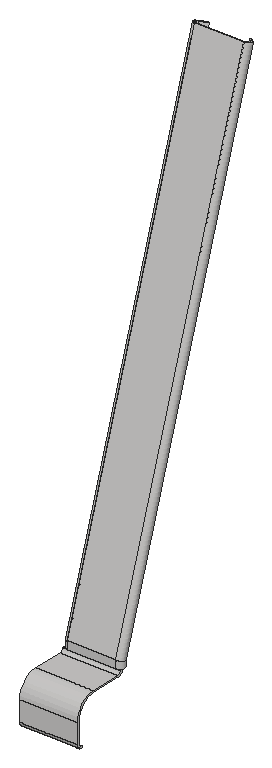
Revit family "PRD_FrankeWS_SlbUrnls_CAMPUSSlabUrinalConnector_ZCMPX0002", category Plumbing Fixtures, Revit 2018
Family settings
  Round Connector Dimension = Use Diameter
  Part Type = Normal
  OmniClass Number = 23.45.05.14.99
  OmniClass Title = Other Sanitary Washing Plumbing Fixtures
  Work Plane-Based = No
  Always vertical = Yes
  Cut with Voids When Loaded = No
  Shared = Yes
  Room Calculation Point = No
Parameters (values of type "ZCMPX0002")
  WarrantyStartDate [instance] = "1900-12-31T23:59:59"
  WarrantyGuarantorParts = "n/a"
  WarrantyGuarantorLabor = "n/a"
  WarrantyDurationUnit = "year"
  WarrantyDurationParts = "n/a"
  WarrantyDurationLabor = "n/a"
  WarrantyDescription = "n/a"
  Version = "1"
  UrinalType = "Trough"
  Uniclass2015Version = "Products v1.23"
  Uniclass2015Title = "Slab urinals"
  Uniclass2015Code = "Pr_40_20_93_77"
  URL = "www.kwc.com"
  TailorMade = "No"
  TagNumber [instance] = "n/a"
  SustainabilityPerformance = "n/a"
  SpilloverLevel = 0.00 mm
  Size = "n/a"
  Shape = "n/a"
  SerialNumber [instance] = "n/a"
  Revision = "n/a"
  ReplacementCost = "n/a"
  QuantityUom = "Piece"
  Quantity = "1"
  ProductInformation = "https://pim.kwc.com/product/2030020577/attachment/datasheet?locale=en"
  ProductCode = "205.0638.902"
  NominalWidth = 37.00 mm
  NominalHeight = 365.00 mm
  NominalDepth = 0.00 mm
  NetWeight = 0.19 kg
  Name = "CAMPUS Slab urinal connector ZCMPX0002"
  NBSTypeID = "n/a"
  NBSReference = "45-35-70/352"
  NBSOfficeMasterTag = "n/a"
  NBSNote = "n/a"
  NBSDescription = "Urinal assembly"
  NBSCertification = "n/a"
  Mounting = "Other"
  ModelReference = "ZCMPX0002"
  ModelNumber = "2030020577"
  Model = ModelReference  # "ZCMPX0002"
  Material = "Stainless steel"
  ManufacturerURL = "www.kwc.com"
  ManufacturerName = "KWC Group AG"  # constant formula
  Manufacturer = ManufacturerName  # "KWC Group AG"
  IntegralAccessories = "n/a"
  InstallationDate [instance] = "1900-12-31T23:59:59"
  IfcExportType = "URINAL"
  IfcExportAs = "IfcSanitaryTerminalType"
  GrossWeight = 2.00 kg
  Grade = "n/a"
  Finish = "Satin finished"
  Features = "stainless steel, surface satin finished, material thickness 1 mm"
  ExpectedLife = "n/a"
  DurationUnit = "year"
  Description = "Connector for urinal slabs CMPX551GE until CMPX555GE made of stainless steel, surface satin finished, material thickness 1 mm. For covering the joint of urinal slab combinations."
  CreatedOn = "05/2022"  # constant formula
  Constituents = "n/a"
  ConnectionPlateMaterial = PRD_AR_StainlessSteel_SatinFinished
  Color = "n/a"
  CodePerformance = "n/a"
  Category = "Pr_40_20_93_77, Slab urinals"
  BarCode [instance] = "n/a"
  BIMObjectName = "PRD_AR_SlabUrinals_ConnectionPlateForTroughUrinal_ZCMPX0002"
  Author = "Archispace"  # constant formula
  AssetType = "Fixed"
  AssetIdentifier [instance] = "n/a"
  AccessibilityPerformance = "n/a"
Reference planes
  plane 1 "Center (Front/Back)": y = 0
  plane 2: z = 0
  plane 3 "Center (Left/Right)": x = 0
Forms (mm)
  Sweep 1, solid, material "PRD_AR_StainlessSteel_SatinFinished" <- "ConnectionPlateMaterial", detail levels fine
    path origin (0, 0, 0) x (0, 1, 0) y (0, 0, 1)
      loop
        line (-96.649, 322.147) -> (-200, 7.804) -> (-200, 3)
    profile origin (0, -200, 3) x (1, 0, 0) y (0, 1, 0)
      loop
        line (-17.164, 3.414) -> (-13.3, 7.278) -> (-14.007, 7.985) -> (-17.871, 4.121)
        arc (-17.871, 4.121) -> (-18.522, 0.852) -> (-15.75, -1) r 3
        line (-15.75, -1) -> (15.75, -1)
        arc (15.75, -1) -> (18.522, 0.852) -> (17.871, 4.121) r 3
        line (17.871, 4.121) -> (14.007, 7.985) -> (13.3, 7.278) -> (17.164, 3.414)
        arc (17.164, 3.414) -> (17.598, 1.235) -> (15.75, 0) r 2
        line (15.75, 0) -> (-15.75, 0)
        arc (-15.75, 0) -> (-17.598, 1.235) -> (-17.164, 3.414) r 2
  Extrusion 2, solid, material "PRD_AR_StainlessSteel_SatinFinished" <- "ConnectionPlateMaterial", detail levels fine
    sketch origin (0, 0, 0) x (0, 1, 0) y (0, 0, 1)
      loop
        arc (-235, -12) -> (-231.485, -3.515) -> (-223, 0) r 12
        line (-223, 0) -> (-203, 0)
        arc (-203, 0) -> (-200.879, 0.879) -> (-200, 3) r 3
        line (-200, 3) -> (-201, 3)
        arc (-201, 3) -> (-201.586, 1.586) -> (-203, 1) r 2
        line (-203, 1) -> (-223, 1)
        arc (-223, 1) -> (-232.192, -2.808) -> (-236, -12) r 13
        line (-236, -12) -> (-236, -25)
        arc (-236, -25) -> (-235.121, -27.121) -> (-233, -28) r 3
        line (-233, -28) -> (-233, -27)
        arc (-233, -27) -> (-234.414, -26.414) -> (-235, -25) r 2
        line (-235, -25) -> (-235, -12)
    from -18.75 to 18.75
  Extrusion 3, solid, material "PRD_AR_StainlessSteel_SatinFinished" <- "ConnectionPlateMaterial", detail levels coarse+medium
    sketch origin (0, 0, 0) x (0, 1, 0) y (0, 0, 1)
      loop
        line (-192, 0) -> (-192, 6.523) -> (-89.05, 319.648) -> (-97.599, 322.459) -> (-203.29, 1) -> (-236, 1) -> (-236, -27) -> (-235, -27) -> (-235, 0) -> (-192, 0)
    from -18.75 to 18.75
Cuts and joins
  joined: Sweep 1, Extrusion 2
Dimensions and locks
  aligned and locked: level to plane 2
